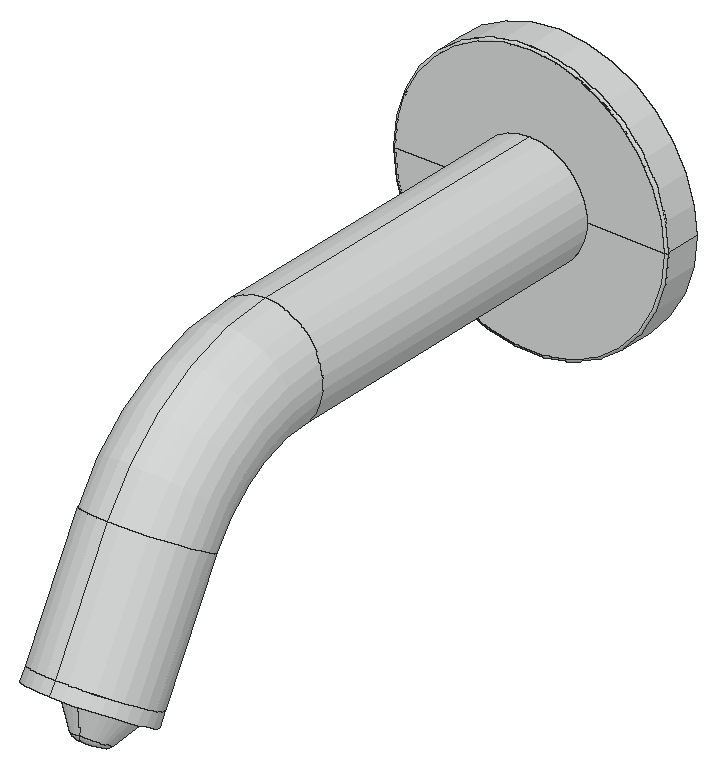
Revit family "SoapDispenser_Wall_Nero_Mecca_Sensor", category Specialty Equipment, Revit 2022
Family settings
  Round Connector Dimension = Use Diameter
  Part Type = Normal
  OmniClass Number = 23.31.25.29.13
  OmniClass Title = Hand Soap Dispensers
  Work Plane-Based = No
  Always vertical = Yes
  Cut with Voids When Loaded = Yes
  Maintain Annotation Orientation = No
  Shared = No
  Room Calculation Point = No
Parameters (values of type "Chrome (NR408CH)")
  Uniclass2015Version = "Products v1.35"
  Uniclass2015Title = "Soap dispensers"
  Uniclass2015Code = "Pr_40_70_22_81"
  URL = "https://nerotapware.com.au/"
  Type Comments = "Soap Dispenser - Wall - Sensor - Chrome"
  ModifiedIssue = 20251105
  Model = "NR408CH"
  ManufacturerURLProductSpecific = "https://pleaseloadfromtypecatalog.com"
  ManufacturerSpecCode = "NR408CH"
  ManufacturerOverallWidth = 60 mm  # constant formula
  ManufacturerOverallHeight = 85 mm  # constant formula
  ManufacturerOverallDepth = 139 mm  # constant formula
  Manufacturer = "Nero"
  IfcExportType = "USERDEFINED"
  IfcExportAs = "IfcFurnitureType"
  Description = "Mecca Wall Mounted Soap Sensor Dispenser Chrome"
  Default Elevation = 1050 mm
  CreatedByURL = "https://igsgroup.com.au"
  CreatedBy = "IGS BIM Solutions"  # constant formula
  Material = Metal_Chrome_Nero
  Assembly Code = "F1040"
Types (6, lengths in mm): name | Type Comments | Model | ManufacturerSpecCode | Description | Material
  Matte Black (NR408MB) | "Soap Dispenser - Wall - Sensor - Matte Black" | "NR408MB" | "NR408MB" | "Mecca Wall Mounted Soap Sensor Dispenser Matte Black" | Metal_MatteBlack_Nero
  Gunmetal (NR408GM) | "Soap Dispenser - Wall - Sensor - Gunmetal" | "NR408GM" | "NR408GM" | "Mecca Wall Mounted Soap Sensor Dispenser Gun Metal" | Metal_GunMetal_Nero
  Chrome (NR408CH) | "Soap Dispenser - Wall - Sensor - Chrome" | "NR408CH" | "NR408CH" | "Mecca Wall Mounted Soap Sensor Dispenser Chrome" | Metal_Chrome_Nero
  Brushed Bronze (NR408BZ) | "Soap Dispenser - Wall - Sensor - Brushed Bronze" | "NR408BZ" | "NR408BZ" | "Mecca Wall Mounted Soap Sensor Dispenser Brushed Bronze" | Metal_Bronze_Nero_Brushed
  Brushed Nickel (NR408BN) | "Soap Dispenser - Wall - Sensor - Brushed Nickel" | "NR408BN" | "NR408BN" | "Mecca Wall Mounted Soap Sensor Dispenser Brushed Nickel" | Metal_Nickel_Nero_Brushed
  Brushed Gold (NR408BG) | "Soap Dispenser - Wall - Sensor - Brushed Gold" | "NR408BG" | "NR408BG" | "Mecca Wall Mounted Soap Sensor Dispenser Brushed Gold" | Metal_Gold_Nero_Brushed
Reference planes
  plane 1 "SoapDispenserCenter": z = 0
  plane 2 "Back": y = 202.5
  plane 3 "Left": x = 53
  plane 4 "Right": x = 113
  plane 5 "Front": y = 63.5
  plane 6 "Center (Left/Right)": x = 83
  plane 7 "Top": z = 29.992
  plane 8 "Bottom": z = -55.008
Forms (mm)
  Revolve 1, solid, material "Metal_Chrome_Nero" <- "Material"
    sketch origin (0, 60, 0) x (1, 0, 0) y (0, 1, 0)
      loop
        line (83, 142.5) -> (53, 142.5) -> (53, 135)
        arc (53, 135) -> (53.146, 134.646) -> (53.5, 134.5) r 0.5
        line (53.5, 134.5) -> (83, 134.5) -> (83, 142.5)
      axis (83, 134.5) -> (83, 142.5)
    angle from 0 to 360
  Sweep 2, solid, material "Metal_Chrome_Nero" <- "Material"
    path origin (83, 80, 85) x (0, 1, 0) y (0, 0, 1)
      loop
        line (114.5, -85) -> (42.4, -85)
        arc (42.4, -85) -> (23.766, -89.993) -> (10.125, -103.634) r 37.268
        line (10.125, -103.634) -> (-4.175, -128.402)
    profile origin (83, 158.45, 0) x (0, 0, -1) y (1, 0, 0)
      loop
        circle (0, 0) r 12.5
  Revolve 3, solid, material "Metal_Chrome_Nero" <- "Material"
    sketch origin (83, 80, 85) x (0, 1, 0) y (0, 0, 1)
      loop
        line (5.15, -137.25) -> (6.65, -134.652) -> (-4.175, -128.402) -> (-5.275, -130.307) -> (4.684, -136.057) -> (4.284, -136.75) -> (5.15, -137.25)
      axis (-4.175, -128.402) -> (-5.675, -131)
    angle from 0 to 360
  Revolve 4, solid, material "Metal_Chrome_Nero" <- "Material"
    sketch origin (83, 80, 85) x (0, 1, 0) y (0, 0, 1)
      loop
        line (4.684, -136.057) -> (-0.883, -132.843) -> (-4.533, -139.166) -> (-3.519, -139.752)
        arc (-3.519, -139.752) -> (-2.616, -140.007) -> (-1.701, -139.799) r 1.906
        line (-1.701, -139.799) -> (4.284, -136.75) -> (4.684, -136.057)
      axis (-1.898, -132.257) -> (-5.548, -138.58)
    angle from 0 to 360
Cuts and joins
  joined: Revolve 1, Sweep 2, Revolve 3, Revolve 4
Lines and regions (mm)
  Masking region 1
    outline origin (0, 0, 29.992) x (0, -1, 0) y (1, 0, 0)
      loop
        line (-202.5, 53) -> (-195, 53)
        arc (-195, 53) -> (-194.646, 53.146) -> (-194.5, 53.5) r 0.5
        line (-194.5, 53.5) -> (-194.5, 70.5) -> (-74.224, 70.5)
        arc (-74.224, 70.5) -> (-70.104, 71.493) -> (-66.747, 74.08) r 10.168
        arc (-66.747, 74.08) -> (-64.322, 78.248) -> (-63.5, 83) r 13.644
        arc (-63.5, 83) -> (-64.322, 87.752) -> (-66.747, 91.92) r 13.644
        arc (-66.747, 91.92) -> (-70.104, 94.507) -> (-74.224, 95.5) r 10.168
        line (-74.224, 95.5) -> (-194.5, 95.5) -> (-194.5, 112.5)
        arc (-194.5, 112.5) -> (-194.646, 112.854) -> (-195, 113) r 0.5
        line (-195, 113) -> (-202.5, 113) -> (-202.5, 53)
  symbolic lines, style "Bathroom Fixtures", detail levels medium+fine
    curve 1: line (70.5, 194.5, 29.992) -> (95.5, 194.5, 29.992)
Text (mm)
  text "Disclaimer:\nDue to ongoing product development and manufacturing \nevolution, product details are subject to change without \nnotice. Please refer to product technical data sheets on \nthe manufacturers website for the most current product \ninformation. Please allow a +/- 5mm manufacturing \ntolerance for dimensions and set-outs shown in product \nliterature." at (409.31, 319.214, 0), in view "Ref. Level"
Dimensions and locks
  "ManufacturerOverallWidth": plane 3 "Left" to plane 4 "Right"
  "ManufacturerOverallDepth": plane 2 "Back" to plane 5 "Front"
  equal spacing: plane 3 "Left", plane 6 "Center (Left/Right)", plane 4 "Right"
  "ManufacturerOverallHeight": plane 7 "Top" to plane 8 "Bottom"
  aligned and locked: level to plane 1 "SoapDispenserCenter"
Automatic sketch dimensions
  Revolve 1 sketch curve to plane 2 "Back" = 0 mm  (x2)
  Revolve 1 sketch curve to plane 3 "Left" = 0 mm
  Revolve 1 sketch curve to plane 6 "Center (Left/Right)" = 0 mm  (x2)
  plane 3 "Left" to Revolve 1 sketch curve = 0.5 mm
  Revolve 1 sketch curve to plane 2 "Back" = 7.5 mm
  Revolve 1 sketch curve to Revolve 1 sketch curve = 4.924 mm
  Sweep 2 sketch curve to level = 0 mm
  plane 5 "Front" to Sweep 2 sketch curve = 26.625 mm
  Sweep 2 sketch curve to plane 8 "Bottom" = 17.739 mm
  plane 5 "Front" to Sweep 2 sketch curve = 12.325 mm
  Sweep 2 sketch curve to plane 2 "Back" = 8 mm
  Sweep 2 sketch curve to plane 8 "Bottom" = 11.606 mm
  Sweep 2 sketch curve to plane 6 "Center (Left/Right)" = 0 mm
  Sweep 2 sketch curve to profile plane = 0 mm
  Sweep 2 sketch curve to Sweep 2 sketch curve = 32.275 mm
  plane 5 "Front" to Revolve 3 sketch curve = 11.225 mm
  Revolve 3 sketch curve to Revolve 3 sketch curve = 1.1 mm
  Revolve 3 sketch curve to plane 8 "Bottom" = 3.258 mm
  Revolve 3 sketch curve to Revolve 3 sketch curve = 9.559 mm
  Revolve 3 sketch curve to plane 8 "Bottom" = 3.95 mm
  Revolve 3 sketch curve to Revolve 3 sketch curve = 0.4 mm
  Revolve 3 sketch curve to plane 8 "Bottom" = 2.758 mm
  Revolve 3 sketch curve to Revolve 3 sketch curve = 3.231 mm
  Revolve 3 sketch curve to Revolve 3 sketch curve = 0.55 mm
  Revolve 3 sketch curve to plane 8 "Bottom" = 4.104 mm
  Revolve 3 sketch curve to Revolve 3 sketch curve = 0.953 mm
  plane 5 "Front" to Revolve 4 sketch curve = 11.967 mm
  Revolve 4 sketch curve to plane 8 "Bottom" = 0.256 mm
  Revolve 4 sketch curve to Revolve 4 sketch curve = 0.953 mm
  Revolve 4 sketch curve to plane 8 "Bottom" = 0.208 mm
  Revolve 4 sketch curve to Revolve 4 sketch curve = 1.818 mm
  Revolve 4 sketch curve to plane 8 "Bottom" = 3.258 mm
  Revolve 4 sketch curve to Revolve 4 sketch curve = 5.985 mm
  Revolve 4 sketch curve to Revolve 4 sketch curve = 4.289 mm
  Revolve 4 sketch curve to plane 8 "Bottom" = 2.691 mm
  Revolve 4 sketch curve to Revolve 4 sketch curve = 0.285 mm
  Revolve 4 sketch curve to plane 8 "Bottom" = 0.842 mm
  plane 8 "Bottom" to Revolve 4 sketch curve = 4.243 mm
  Revolve 4 sketch curve to Revolve 4 sketch curve = 0.4 mm
  Revolve 4 sketch curve to Revolve 4 sketch curve = 1.015 mm
  Masking region 1 sketch curve to plane 2 "Back" = 0 mm
  Masking region 1 sketch curve to plane 3 "Left" = 0 mm
  Masking region 1 sketch curve to plane 4 "Right" = 0 mm
  Masking region 1 sketch curve to plane 6 "Center (Left/Right)" = 0 mm
  plane 4 "Right" to Masking region 1 sketch curve = 0.5 mm
  Masking region 1 sketch curve to plane 2 "Back" = 7.5 mm  (x2)
  Masking region 1 sketch curve to plane 2 "Back" = 8 mm
  Masking region 1 sketch curve to plane 6 "Center (Left/Right)" = 0.085 mm
  plane 5 "Front" to Masking region 1 sketch curve = 13.643 mm
  plane 6 "Center (Left/Right)" to Masking region 1 sketch curve = 0.085 mm
  Masking region 1 sketch curve to Masking region 1 sketch curve = 0 mm  (x2)
  Masking region 1 sketch curve to plane 6 "Center (Left/Right)" = 2.336 mm
  Masking region 1 sketch curve to Masking region 1 sketch curve = 2.649 mm  (x2)
  plane 6 "Center (Left/Right)" to Masking region 1 sketch curve = 2.336 mm
  Masking region 1 sketch curve to Masking region 1 sketch curve = 0.271 mm  (x2)
  Masking region 1 sketch curve to Masking region 1 sketch curve = 10.164 mm
  plane 6 "Center (Left/Right)" to Masking region 1 sketch curve = 12.5 mm
  curve 1 to plane 2 "Back" = 8 mm
  curve 1 to plane 6 "Center (Left/Right)" = 12.5 mm
  plane 6 "Center (Left/Right)" to curve 1 = 12.5 mm
  radius of Sweep 2 sketch curve = 12.5 mm
